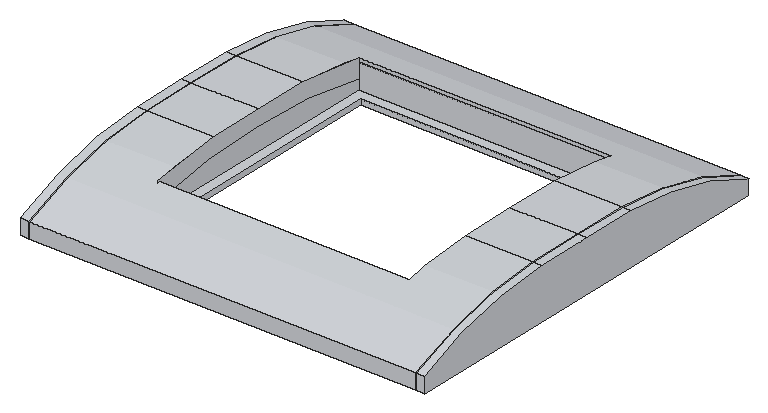
Revit family "Gira_1002773", category Electrical Fixtures, host Face, Revit 2017
Family settings
  Host = Face
  Maintain Annotation Orientation = No
  Round Connector Dimension = Use Diameter
  Part Type = Normal
  Cut with Voids When Loaded = No
  Shared = No
  Room Calculation Point = No
Parameters (values of type "Abdeckrahmen 2f o.M. Zwischenr. RW Gira Event Klar Sand")
  Werkstoffgüte = "Thermoplast"
  Werkstoff = "Kunststoff"
  URL = "http://katalog.gira.de/de_DE/datenblatt.html?artikelnr=1002773"
  Transparent = "No"
  Textfeld/Beschriftungsfläche = "No"
  Schutzart (IP) = "IP20"
  Region = "DE"
  Oberfläche = "sonstige"
  Name = "Abdeckrahmen 2f o.M. Zwischenr. RW Gira Event Klar Sand"
  Montagerichtung = "horizontal und vertikal"
  Mit Montagerahmen = "No"
  Mit Klappdeckel = "No"
  Manufacturer URL = "https://www.gira.de/"
  Keynote = "Event_Rahmen_2fach o.Mittelsteg"
  HeinzeBIM = "https://bimportal.heinze.de/bim/abdeckrahmen-2f-o-m-zwischenr-rw-gira-event-klar-sand/57f78d5b56a9d345fcaddd971beb3b48e9249e7b"
  Halogenfrei = "Yes"
  HAN = "1002773"
  Geeignet für Unterputz-Installation = "Yes"
  Geeignet für Unterflurkanaldose = "No"
  Geeignet für Geräteeinbaukanal = "No"
  Geeignet für Einbauinstallation = "No"
  GTIN = "4010337070351"
  Farbe = "sonstige"
  Default Elevation = 1219.2 mm
  Data sheet (1) = "https://katalog.gira.de/de_DE/download.html?artikelnr=1002773"
  Category = "Abdeckrahmen"
  Befestigungsart = "Klemmbefestigung"
  Available = "Yes"
  Ausführung der Oberfläche = "glänzend"
  Anzahl der Einheiten vertikal = "2 "
  Anzahl der Einheiten horizontal = "2 "
  Anzahl der Einheiten = "2 "
Reference planes
  plane 1 "Center (Front/Back)": y = 0
  plane 2: z = 0
  plane 3 "Center (Left/Right)": x = 0
Forms (mm)
  Extrusion 1, solid, detail levels fine
    sketch origin (0, 0, 1.55) x (0, 1, 0) y (0, 0, 1)
      loop
        arc (12.445, 9.683) -> (6.223, 9.833) -> (0, 9.85) r 291.636
        arc (0, 9.85) -> (-6.223, 9.833) -> (-12.445, 9.683) r 291.636
        arc (-12.445, 9.683) -> (-29.14, 7.482) -> (-45, 1.823) r 79.728
        line (-45, 1.823) -> (-45, -1.55) -> (-41.777, -1.55) -> (-41.777, -0.55)
        arc (-41.777, -0.55) -> (-21.205, 4.846) -> (0, 6.467) r 118.15
        arc (0, 6.467) -> (21.205, 4.846) -> (41.777, -0.55) r 118.15
        line (41.777, -0.55) -> (41.777, -1.55) -> (45, -1.55) -> (45, 1.823)
        arc (45, 1.823) -> (29.14, 7.482) -> (12.445, 9.683) r 79.728
    from -43 to 43
  Extrusion 2, void, detail levels fine
    sketch origin (0, 0, 0) x (1, 0, 0) y (0, 1, 0)
      loop
        line (-28, -28) -> (28, -28) -> (28, 28) -> (-28, 28) -> (-28, -28)
    from 2.85 to 12
  Extrusion 3, solid, detail levels coarse
    sketch origin (0, 0, 0) x (1, 0, 0) y (0, 1, 0)
      loop
        line (-45, 45) -> (-45, -45) -> (45, -45) -> (45, 45) -> (-45, 45)
    from 0 to 11.4
  Extrusion 4, solid, detail levels medium
    sketch origin (0, 0, 1.55) x (0, 1, 0) y (0, 0, 1)
      loop
        arc (12.445, 9.683) -> (6.223, 9.833) -> (0, 9.85) r 291.636
        arc (0, 9.85) -> (-6.223, 9.833) -> (-12.445, 9.683) r 291.636
        arc (-12.445, 9.683) -> (-29.14, 7.482) -> (-45, 1.823) r 79.728
        line (-45, 1.823) -> (-45, -1.55) -> (45, -1.55) -> (45, 1.823)
        arc (45, 1.823) -> (29.14, 7.482) -> (12.445, 9.683) r 79.728
    from -45 to 45
  Extrusion 5, solid, detail levels fine
    sketch origin (0, 0, 0) x (0, 1, 0) y (0, 0, 1)
      loop
        arc (45, 3.373) -> (29.14, 9.032) -> (12.445, 11.233) r 79.728
        arc (12.445, 11.233) -> (6.223, 11.383) -> (0, 11.4) r 291.636
        arc (0, 11.4) -> (-6.223, 11.383) -> (-12.445, 11.233) r 291.636
        arc (-12.445, 11.233) -> (-29.14, 9.032) -> (-45, 3.373) r 79.728
        line (-45, 3.373) -> (-45, 0) -> (45, 0) -> (45, 3.373)
    from 43 to 45
  Extrusion 6, solid, detail levels fine
    sketch origin (0, 0, 0) x (0, 1, 0) y (0, 0, -1)
      loop
        line (45, -3.373) -> (45, 0) -> (-45, 0) -> (-45, -3.373)
        arc (-45, -3.373) -> (-29.14, -9.032) -> (-12.445, -11.233) r 79.728
        arc (-12.445, -11.233) -> (-6.223, -11.383) -> (0, -11.4) r 291.636
        arc (0, -11.4) -> (6.223, -11.383) -> (12.445, -11.233) r 291.636
        arc (12.445, -11.233) -> (29.14, -9.032) -> (45, -3.373) r 79.728
    from 43 to 45
  Extrusion 7, solid, detail levels fine
    sketch origin (0, 0, 0) x (1, 0, 0) y (0, 1, 0)
      loop
        line (-25.7, 25.7) -> (-25.7, -25.7) -> (25.7, -25.7) -> (25.7, 25.7) -> (-25.7, 25.7)
      loop
        line (-29.495, 27.895) -> (-29.495, -27.895)
        spline (-29.495, -27.895) -> (-29.486, -28.025) -> (-29.461, -28.154) -> (-29.419, -28.278) -> (-29.361, -28.395) -> (-29.288, -28.504) -> (-29.202, -28.602) -> (-29.104, -28.688) -> (-28.995, -28.761) -> (-28.878, -28.819) -> (-28.754, -28.861) -> (-28.625, -28.886) -> (-28.495, -28.895)
        line (-28.495, -28.895) -> (28.495, -28.895)
        spline (28.495, -28.895) -> (28.625, -28.886) -> (28.754, -28.861) -> (28.878, -28.819) -> (28.995, -28.761) -> (29.104, -28.688) -> (29.202, -28.602) -> (29.288, -28.504) -> (29.361, -28.395) -> (29.419, -28.278) -> (29.461, -28.154) -> (29.486, -28.025) -> (29.495, -27.895)
        line (29.495, -27.895) -> (29.495, 27.895)
        spline (29.495, 27.895) -> (29.486, 28.025) -> (29.461, 28.154) -> (29.419, 28.278) -> (29.361, 28.395) -> (29.288, 28.504) -> (29.202, 28.602) -> (29.104, 28.688) -> (28.995, 28.761) -> (28.878, 28.819) -> (28.754, 28.861) -> (28.625, 28.886) -> (28.495, 28.895)
        line (28.495, 28.895) -> (-28.495, 28.895)
        spline (-28.495, 28.895) -> (-28.625, 28.886) -> (-28.754, 28.861) -> (-28.878, 28.819) -> (-28.995, 28.761) -> (-29.104, 28.688) -> (-29.202, 28.602) -> (-29.288, 28.504) -> (-29.361, 28.395) -> (-29.419, 28.278) -> (-29.461, 28.154) -> (-29.486, 28.025) -> (-29.495, 27.895)
    from 1.673 to 8.5
Cuts and joins
  Extrusion 2 cuts Extrusion 1
  Extrusion 2 cuts Extrusion 7
Dimensions and locks
  aligned and locked: plane 2 to host face
  aligned and locked: level to host face
